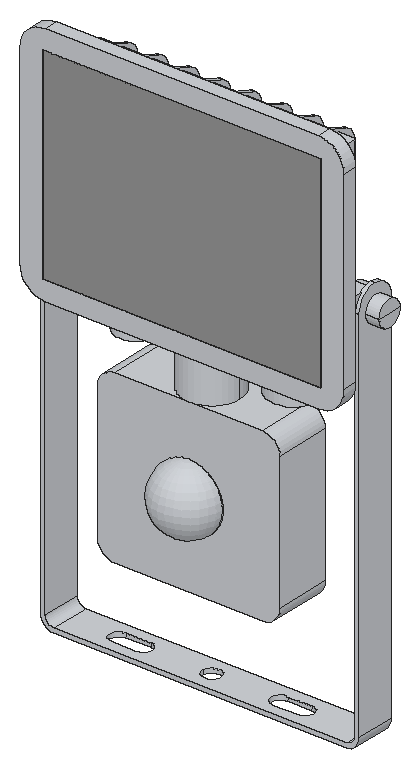
Revit family "0050134", category Lighting Fixtures, Revit 2017
Family settings
  Round Connector Dimension = Use Diameter
  Part Type = Normal
  OmniClass Number = 23.80.70.00
  OmniClass Title = Lighting
  Work Plane-Based = No
  Always vertical = Yes
  Cut with Voids When Loaded = No
  Light Source = Yes
  Shared = No
  Room Calculation Point = No
Parameters (values of type "0050134 ST FLD FLT IP54 PIR 2000LM 840 BK")
  Weight = "2.85 kg"
  Wattage = 19 W
  WarrantyStartDate [instance] = "n/a"
  WarrantyGuarantorParts = "n/a"
  WarrantyDurationUnit = "n/a"
  WarrantyDurationParts = "n/a"
  WarrantyDescription = "n/a"
  built-in parameter 1150110 = 1 (stored number, unit not read)
  Voltage = 0 V
  URL = "http://www.sylvania-lighting.com"
  TypeName = "Start Flood Flat IP54 PIR 2000LM 840 Black"
  built-in parameter 1114217 = 1 (stored number, unit not read)
  Tilt Angle = 0.00°
  built-in parameter 1150109 = 1 (stored number, unit not read)
  built-in parameter 1150134 = 12
  built-in parameter 1150113 = 1 (stored number, unit not read)
  SerialNumber [instance] = "n/a"
  PowerFactor = 0.9
  PowerConsumption = "19.0 W"
  Photometric Web File = "0050134.ies"
  NominalWidth = 0 mm
  NominalLength = 190 mm
  NominalHeight = 52 mm
  Name = "Start Flood Flat IP54 PIR 2000LM 840 Black"
  ModelReference = "Start Flood Flat IP54 PIR 2000LM 840 Black"
  ModelNumber = "0050134"
  Model = "Start Flood Flat IP54 PIR 2000LM 840 Black"
  Material_4_FEILO = none
  Material_3_FEILO = none
  Material_2_FEILO = Default New Material
  Material_1_FEILO = none
  Material = "n/a"
  ManufacturerName = "Feilo Sylvania"
  Manufacturer = "Feilo Sylvania"
  LuminousEfficacy = "105 lm/W"
  Lumens = 1995 lm
  LuminaireType = ""
  built-in parameter 1150115 = 1 (stored number, unit not read)
  built-in parameter 1150105 = -1551312 (stored number, unit not read)
  LightOutputRatio = "n/a"
  built-in parameter 1150137 = (empty or 0)
  built-in parameter 1150139 = (empty or 0)
  LampsType = "LED"
  LampNominalLuminous = "2000 lm"
  LampMacAdamStep = "5"
  LampColourTemperature = "4000 K"
  LampColourRenderingIndex = "80"
  built-in parameter 1150112 = 1 (stored number, unit not read)
  built-in parameter 1150114 = 1 (stored number, unit not read)
  Lamp = "LED"
  LUM_WIDTH_SYL = 57 mm  # constant formula
  LUM_HEIGHT_SYL = 43 mm  # constant formula
  LUM_EXTR_ST_SYL = -5 mm
  LUM_EXTR_END_SYL = 0 mm
  LUM_DEPTH_SYL = 28 mm
  Keynote = "16500"
  InstallationDate [instance] = "n/a"
  InputVoltage = "n/a"
  InputNominalFrequency = "n/a"
  built-in parameter 1150132 = 2
  built-in parameter 1150102 = (empty or 0)
  built-in parameter 1150138 = (empty or 0)
  built-in parameter 1150107 = 4000 (stored number, unit not read)
  IngressProtection = "IP65"
  ImpactProtectionIndex = "IK06"
  built-in parameter 1150106 = -15513.1 (stored number, unit not read)
  IfcExportType = "IfcLightFixtureType"
  IfcExportAs = "IfcLightFixtureType"
  ElectricShockClassification = "Class I"
  built-in parameter 1150104 = 9.7548 (stored number, unit not read)
  DocumentationLiterature = "http://www.sylvania-lighting.com/product/en-int/products/0050134"
  DimmingControlOptions = "n/a"
  Dimming Lamp Color Temperature Shift = <None>
  DIF_WIDTH_SYL = 49 mm  # constant formula
  DIF_HEIGHT_SYL = 36 mm  # constant formula
  CreatedOn = "12/2/2020"
  CreatedBy = "@sylvania-lighting.com"
  Color Filter = 16777215
  ClassificationValue = "EF_70_80"
  ClassificationName = "Uniclass2015"
  CABLE_SIDE_DIST_SYL = 28.5 mm
  CABLE_LENGTH_SYL = 5 mm
  CABLE_FRONT_DIST_SYL = 17.5 mm
  CABLES_DIST_SYL = 56 mm
  BarCode [instance] = "n/a"
  built-in parameter 1114218 = 1 (stored number, unit not read)
  B_RAIL_R_DIST_SYL = 7 mm
  B_RAIL_HEIGHT_SYL = 27 mm
  B_RAIL_DEPTH_SYL = 44 mm
  B_RAIL_CHAMFER_SYL = 7 mm
  BRACKET_HOLDER_WIDTH_SYL = 12 mm
  BRACKET_HOLDER_HEIGHT_SYL = 17 mm
  BRACKET_HOLDER_DIST_SIDE_SYL = 2.8 mm
  BRACKET_HOLDER_DIST_BOTT_SYL = 22 mm
  BRACKET_HOLDER_DEPTH_SYL = 5.7 mm
  BOX_WIDTH_SYL = 45.5 mm
  BOX_TOP_DIST_SYL = 10.5 mm
  BOX_DEPTH_SYL = 14 mm
  BOX_BOTT_DIST_SYL = 28 mm
  BACK_RAIL_WIDTH_SYL = 1.4 mm
  BACK_RAIL_SIDE_DIST_SYL = 18 mm
  BACK_PL_EXTR_ST_SYL = -6 mm
  BACK_PL_EXTR_ST(-1)_SYL = BACK_PL_EXTR_ST_SYL * (-1)  # 6 mm
  BACK_PL_EXTR_END_SYL = -3 mm
  BACK_PL_EXTR_END(-1)_SYL = BACK_PL_EXTR_END_SYL * (-1)  # 3 mm
  built-in parameter 1150133 = 10 (stored number, unit not read)
  AssetType = "Fixed"
  AssetIdentifier [instance] = "n/a"
  Assembly Code = "D5020200"
  Apparent Load = 19 VA
  0_18W_SYL = yes
Types (4, lengths in mm): name | TypeName | built-in parameter 1150134 | Photometric Web File | Name | ModelReference | ModelNumber | Model | LuminousEfficacy | Lumens | built-in parameter 1150105 | LampNominalLuminous | LampColourTemperature | built-in parameter 1150107 | built-in parameter 1150106 | built-in parameter 1150104 | DocumentationLiterature
  0050136 ST FLD FLT IP54 PIR 2000LM 840 WH | "Start Flood Flat IP54 PIR 2000LM 840 White" | 12 | "0050136.ies" | "Start Flood Flat IP54 PIR 2000LM 840 White" | "Start Flood Flat IP54 PIR 2000LM 840 White" | "0050136" | "Start Flood Flat IP54 PIR 2000LM 840 White" | "105 lm/W" | 1995 lm | -1551312 (stored number, unit not read) | "2000 lm" | "4000 K" | 4000 (stored number, unit not read) | -15513.1 (stored number, unit not read) | 9.7548 (stored number, unit not read) | "http://www.sylvania-lighting.com/product/en-int/products/0050136"
  0050135 ST FLD FLT IP54 PIR 1850LM 830 WH | "Start Flood Flat IP54 PIR 1850LM 830 White" | (empty or 0) | "0050135.ies" | "Start Flood Flat IP54 PIR 1850LM 830 White" | "Start Flood Flat IP54 PIR 1850LM 830 White" | "0050135" | "Start Flood Flat IP54 PIR 1850LM 830 White" | "97 lm/W" | 1843 lm | -1325633 (stored number, unit not read) | "1850 lm" | "3000 K" | 3000 (stored number, unit not read) | -13256.3 (stored number, unit not read) | 9.0116 (stored number, unit not read) | "http://www.sylvania-lighting.com/product/en-int/products/0050135"
  0050134 ST FLD FLT IP54 PIR 2000LM 840 BK | "Start Flood Flat IP54 PIR 2000LM 840 Black" | 12 | "0050134.ies" | "Start Flood Flat IP54 PIR 2000LM 840 Black" | "Start Flood Flat IP54 PIR 2000LM 840 Black" | "0050134" | "Start Flood Flat IP54 PIR 2000LM 840 Black" | "105 lm/W" | 1995 lm | -1551312 (stored number, unit not read) | "2000 lm" | "4000 K" | 4000 (stored number, unit not read) | -15513.1 (stored number, unit not read) | 9.7548 (stored number, unit not read) | "http://www.sylvania-lighting.com/product/en-int/products/0050134"
  0050133 ST FLD FLT IP54 PIR 1850LM 830 BK | "Start Flood Flat IP54 PIR 1850LM 830 Black" | (empty or 0) | "0050133.ies" | "Start Flood Flat IP54 PIR 1850LM 830 Black" | "Start Flood Flat IP54 PIR 1850LM 830 Black" | "0050133" | "Start Flood Flat IP54 PIR 1850LM 830 Black" | "97 lm/W" | 1843 lm | -1325633 (stored number, unit not read) | "1850 lm" | "3000 K" | 3000 (stored number, unit not read) | -13256.3 (stored number, unit not read) | 9.0116 (stored number, unit not read) | "http://www.sylvania-lighting.com/product/en-int/products/0050133"
Reference planes
  plane 1 "Light Source Axis (F/B)": y = 0
  plane 2: z = 0
  plane 3 "Light Source Axis (L/R)": x = 0
  plane 4 "Light Source Elevation": z = -0.469
  plane 5: x = 57
  plane 6: x = -57
  plane 7: z = 43
  plane 8: z = -43
  plane 9: x = 49
  plane 10: x = -49
  plane 11: z = 36
  plane 12: z = -36
  plane 13: y = 6
  plane 14: y = 3
  plane 15: x = -45.5
  plane 16: x = 45.5
  plane 17: y = 20
  plane 18: z = 32.5
  plane 19: z = -15
  plane 20: y = 28
  plane 21: z = -21
  plane 22: z = -9
  plane 23: y = 21
  plane 24: x = 54.2
  plane 25: x = 39.5
  plane 26: x = 28.5
  plane 27: x = -27.5
  plane 28: y = 14
  plane 29: z = -38
  plane 30: y = 27
  plane 31: z = 29
  plane 32: z = 22
  plane 33: x = 39
  plane 34: x = 37.6
  plane 35: x = 30.6
  plane 36: x = 20.8
  plane 37: x = 13.8
  plane 38: x = 12.4
  plane 39: x = 5.4
  plane 40: x = 4
  plane 41: z = -50.4
Forms (mm)
  Extrusion 1, solid
    sketch origin (0, 0, 0) x (1, 0, 0) y (0, 0, 1)
      loop
        arc (-48, 43) -> (-54.364, 40.364) -> (-57, 34) r 9
        line (-57, 34) -> (-57, -34)
        arc (-57, -34) -> (-54.364, -40.364) -> (-48, -43) r 9
        line (-48, -43) -> (48, -43)
        arc (48, -43) -> (54.364, -40.364) -> (57, -34) r 9
        line (57, -34) -> (57, 34)
        arc (57, 34) -> (54.364, 40.364) -> (48, 43) r 9
        line (48, 43) -> (-48, 43)
      loop
        line (-49, 36) -> (-49, -36) -> (49, -36) -> (49, 36) -> (-49, 36)
    from -5 <- "LUM_EXTR_ST_SYL" to 0 <- "LUM_EXTR_END_SYL"
  Extrusion 2, solid, material "Default New Material" <- "Material_2_FEILO"
    sketch origin (0, 0, 0) x (1, 0, 0) y (0, 0, 1)
      loop
        line (-49, 36) -> (-49, -36) -> (49, -36) -> (49, 36) -> (-49, 36)
    from -3 <- "BACK_PL_EXTR_END_SYL" to 0 <- "LUM_EXTR_END_SYL"
  Extrusion 3, solid
    sketch origin (0, 0, 0) x (1, 0, 0) y (0, 0, 1)
      loop
        line (49, 36) -> (-49, 36) -> (-49, -36) -> (49, -36) -> (49, 36)
    from -6 <- "BACK_PL_EXTR_ST_SYL" to -3 <- "BACK_PL_EXTR_END_SYL"
  Extrusion 4, solid
    sketch origin (0, 0, 0) x (1, 0, 0) y (0, 1, 0)
      loop
        arc (-44.5, 20) -> (-45.207, 19.707) -> (-45.5, 19) r 1
        line (-45.5, 19) -> (-45.5, 6) -> (45.5, 6) -> (45.5, 19)
        arc (45.5, 19) -> (45.207, 19.707) -> (44.5, 20) r 1
        line (44.5, 20) -> (-44.5, 20)
    from -15 to 32.5
  Extrusion 5, solid
    sketch origin (0, 0, 0) x (1, 0, 0) y (0, 1, 0)
      loop
        arc (-31.5, 28) -> (-41.399, 23.899) -> (-45.5, 14) r 14
        line (-45.5, 14) -> (-45.5, 6) -> (45.5, 6) -> (45.5, 14)
        arc (45.5, 14) -> (41.399, 23.899) -> (31.5, 28) r 14
        line (31.5, 28) -> (-31.5, 28)
    from -36 to -15
  Extrusion 6, solid
    sketch origin (0, 0, 0) x (0, 1, 0) y (0, 0, 1)
      loop
        line (5, -9) -> (5, -21) -> (15, -21)
        arc (15, -21) -> (19.243, -19.243) -> (21, -15) r 6
        arc (21, -15) -> (19.243, -10.757) -> (15, -9) r 6
        line (15, -9) -> (5, -9)
      loop
        circle (15, -15) r 2.5
    from 49 to 54.502
  Extrusion 7, solid
    sketch origin (0, 0, 0) x (1, 0, 0) y (0, 1, 0)
      loop
        circle (-27.5, 14) r 7
      loop
        circle (28.5, 14) r 9
    from -50.4 to -36
  Extrusion 8, solid
    sketch origin (1.583, 5.639, -10.469) x (0, 1, 0) y (0, 0, -1)
      loop
        line (-0.625, 4.531) -> (-0.625, -22) -> (-0.625, -49.48) -> (18.047, -42.313)
        arc (18.047, -42.313) -> (20.09, -40.922) -> (21.299, -38.767) r 5.397
        line (21.299, -38.767) -> (21.299, 4.531) -> (-0.625, 4.531)
    from -37.417 to -36.017
  Extrusion 9, solid
    sketch origin (0, 0, 0) x (0, 1, 0) y (0, 0, -1)
      loop
        line (5, 9) -> (15, 9)
        arc (15, 9) -> (19.243, 10.757) -> (21, 15) r 6
        arc (21, 15) -> (19.243, 19.243) -> (15, 21) r 6
        line (15, 21) -> (5, 21) -> (5, 9)
      loop
        circle (15, 15) r 2.5
    from 49 to 54.502
  Extrusion 10, solid
    sketch origin (-1.583, 5.639, -10.469) x (0, 1, 0) y (0, 0, 1)
      loop
        line (-0.625, -4.531) -> (21.299, -4.531) -> (21.299, 38.767)
        arc (21.299, 38.767) -> (20.09, 40.922) -> (18.047, 42.313) r 5.397
        line (18.047, 42.313) -> (-0.625, 49.48) -> (-0.625, 22) -> (-0.625, -4.531)
    from -37.417 to -36.017
  Extrusion 11, solid
    sketch origin (-75.017, 5.639, -10.469) x (0, 1, 0) y (0, 0, -1)
      loop
        line (-0.625, 4.531) -> (-0.625, -22) -> (-0.625, -49.48) -> (18.047, -42.313)
        arc (18.047, -42.313) -> (20.09, -40.922) -> (21.299, -38.767) r 5.397
        line (21.299, -38.767) -> (21.299, 4.531) -> (-0.625, 4.531)
    from -37.417 to -36.017
  Extrusion 12, solid
    sketch origin (-9.36, 5.639, -10.469) x (0, 1, 0) y (0, 0, -1)
      loop
        line (-0.625, 4.531) -> (-0.625, -22) -> (-0.625, -49.48) -> (18.047, -42.313)
        arc (18.047, -42.313) -> (20.09, -40.922) -> (21.299, -38.767) r 5.397
        line (21.299, -38.767) -> (21.299, 4.531) -> (-0.625, 4.531)
    from -37.417 to -36.017
  Extrusion 13, solid
    sketch origin (-20.302, 5.639, -10.469) x (0, 1, 0) y (0, 0, -1)
      loop
        line (-0.625, 4.531) -> (-0.625, -22) -> (-0.625, -49.48) -> (18.047, -42.313)
        arc (18.047, -42.313) -> (20.09, -40.922) -> (21.299, -38.767) r 5.397
        line (21.299, -38.767) -> (21.299, 4.531) -> (-0.625, 4.531)
    from -37.417 to -36.017
  Extrusion 14, solid
    sketch origin (-31.245, 5.639, -10.469) x (0, 1, 0) y (0, 0, -1)
      loop
        line (-0.625, 4.531) -> (-0.625, -22) -> (-0.625, -49.48) -> (18.047, -42.313)
        arc (18.047, -42.313) -> (20.09, -40.922) -> (21.299, -38.767) r 5.397
        line (21.299, -38.767) -> (21.299, 4.531) -> (-0.625, 4.531)
    from -37.417 to -36.017
  Extrusion 15, solid
    sketch origin (-42.188, 5.639, -10.469) x (0, 1, 0) y (0, 0, -1)
      loop
        line (-0.625, 4.531) -> (-0.625, -22) -> (-0.625, -49.48) -> (18.047, -42.313)
        arc (18.047, -42.313) -> (20.09, -40.922) -> (21.299, -38.767) r 5.397
        line (21.299, -38.767) -> (21.299, 4.531) -> (-0.625, 4.531)
    from -37.417 to -36.017
  Extrusion 16, solid
    sketch origin (-53.131, 5.639, -10.469) x (0, 1, 0) y (0, 0, -1)
      loop
        line (-0.625, 4.531) -> (-0.625, -22) -> (-0.625, -49.48) -> (18.047, -42.313)
        arc (18.047, -42.313) -> (20.09, -40.922) -> (21.299, -38.767) r 5.397
        line (21.299, -38.767) -> (21.299, 4.531) -> (-0.625, 4.531)
    from -37.417 to -36.017
  Extrusion 17, solid
    sketch origin (-64.074, 5.639, -10.469) x (0, 1, 0) y (0, 0, -1)
      loop
        line (-0.625, 4.531) -> (-0.625, -22) -> (-0.625, -49.48) -> (18.047, -42.313)
        arc (18.047, -42.313) -> (20.09, -40.922) -> (21.299, -38.767) r 5.397
        line (21.299, -38.767) -> (21.299, 4.531) -> (-0.625, 4.531)
    from -37.417 to -36.017
Cuts and joins
  joined: Extrusion 1, Extrusion 3, Extrusion 4, Extrusion 5
Dimensions and locks
  "LUM_WIDTH_SYL": plane 5 to plane 3 "Light Source Axis (L/R)" to plane 6
  "LUM_HEIGHT_SYL": plane 7 to plane 2 to plane 8
  "DIF_WIDTH_SYL": plane 9 to plane 3 "Light Source Axis (L/R)" to plane 10
  "DIF_HEIGHT_SYL": plane 11 to plane 2 to plane 12
  "BACK_PL_EXTR_ST(-1)_SYL": plane 1 "Light Source Axis (F/B)" to plane 13
  "BACK_PL_EXTR_END(-1)_SYL": plane 1 "Light Source Axis (F/B)" to plane 14
  "BOX_WIDTH_SYL": plane 15 to plane 3 "Light Source Axis (L/R)" to plane 16
  "BOX_DEPTH_SYL": plane 13 to plane 17
  "BOX_TOP_DIST_SYL": plane 18 to plane 7
  "BOX_BOTT_DIST_SYL": plane 8 to plane 19
  "LUM_DEPTH_SYL": plane 1 "Light Source Axis (F/B)" to plane 20
  "BRACKET_HOLDER_DIST_BOTT_SYL": plane 21 to plane 8
  "BRACKET_HOLDER_WIDTH_SYL": plane 22 to plane 21
  cut or joined group of Extrusion 1, Extrusion 3, Extrusion 4, Extrusion 5 to plane 23 = 15 mm
  locked: cut or joined group of Extrusion 1, Extrusion 3, Extrusion 4, Extrusion 5 to plane 24 at 2.8
  plane 25 to plane 24 = 14.7 mm
  "CABLES_DIST_SYL": plane 27 to plane 26
  "CABLE_SIDE_DIST_SYL": plane 26 to plane 5
  cut or joined group of Extrusion 1, Extrusion 3, Extrusion 4, Extrusion 5 to plane 28 = 14 mm
  locked: cut or joined group of Extrusion 1, Extrusion 3, Extrusion 4, Extrusion 5 to plane 29 at 5
  "B_RAIL_HEIGHT_SYL": plane 30 to plane 1 "Light Source Axis (F/B)"
  "B_RAIL_DEPTH_SYL": plane 31 to plane 19
  "B_RAIL_CHAMFER_SYL": plane 31 to plane 32
  "BACK_RAIL_SIDE_DIST_SYL": plane 5 to plane 33
  "BACK_RAIL_WIDTH_SYL": plane 33 to plane 34
  "B_RAIL_R_DIST_SYL": plane 34 to plane 35
  "B_RAIL_R_DIST_SYL": plane 36 to plane 37
  "BACK_RAIL_WIDTH_SYL": plane 37 to plane 38
  "BACK_RAIL_WIDTH_SYL": plane 39 to plane 40
  "B_RAIL_R_DIST_SYL": plane 38 to plane 39
  plane 35 to plane 26 = 2.1 mm
  equal spacing: group 2, group 8, group 7, group 6, group 5, group 4, group 3, group 1
  equal spacing: group 1, group 3, group 4, group 5, group 6, group 7, group 8, group 2  (x2)
  aligned and locked: plane 4 "Light Source Elevation" to imposter light
  aligned and locked: level to plane 2
  aligned and locked: Extrusion 1 sketch curve to plane 7
  aligned and locked: plane 6 to Extrusion 1 sketch curve
  aligned and locked: plane 8 to Extrusion 1 sketch curve
  aligned and locked: Extrusion 1 sketch curve to plane 5
  aligned and locked: Extrusion 1 sketch curve to plane 11
  aligned and locked: plane 10 to Extrusion 1 sketch curve
  aligned and locked: plane 12 to Extrusion 1 sketch curve
  aligned and locked: Extrusion 1 sketch curve to plane 9
  aligned and locked: Extrusion 2 sketch curve to Extrusion 1  (x4)
  aligned and locked: Extrusion 3 sketch curve to Extrusion 1  (x4)
  aligned and locked: Extrusion 3 to Extrusion 2
  aligned and locked: plane 17 to Extrusion 4 sketch curve
  aligned and locked: plane 15 to Extrusion 4 sketch curve
  aligned and locked: Extrusion 4 sketch curve to plane 13
  aligned and locked: Extrusion 4 sketch curve to plane 16
  aligned and locked: plane 18 to Extrusion 4
  aligned and locked: Extrusion 4 to plane 19
  aligned and locked: plane 20 to Extrusion 5 sketch curve
  aligned and locked: plane 15 to Extrusion 5 sketch curve
  aligned and locked: cut or joined group of Extrusion 1, Extrusion 3, Extrusion 4, Extrusion 5 to Extrusion 5 sketch curve
  aligned and locked: Extrusion 5 sketch curve to cut or joined group of Extrusion 1, Extrusion 3, Extrusion 4, Extrusion 5
  aligned and locked: plane 19 to Extrusion 5
  aligned and locked: Extrusion 5 to plane 12
  aligned and locked: Extrusion 6 sketch curve to plane 22
  aligned and locked: plane 21 to Extrusion 6 sketch curve
  aligned and locked: Extrusion 7 to Extrusion 2
  aligned and locked: Extrusion 6 to cut or joined group of Extrusion 1, Extrusion 3, Extrusion 4, Extrusion 5
  aligned and locked: plane 33 to Extrusion 8
  aligned and locked: Extrusion 8 to plane 34
  aligned and locked: Extrusion 7 to plane 41
Automatic sketch dimensions
  plane 10 to Extrusion 1 sketch curve = 1 mm  (x2)
  Extrusion 1 sketch curve to plane 25 = 8.5 mm  (x2)
  plane 15 to Extrusion 4 sketch curve = 1 mm
  Extrusion 4 sketch curve to plane 16 = 1 mm
  Extrusion 5 sketch curve to plane 15 = 0 mm
  Extrusion 5 sketch curve to plane 28 = 0 mm  (x2)
  Extrusion 6 sketch curve to Extrusion 6 sketch curve = 0 mm  (x5)
  Extrusion 6 sketch curve to plane 23 = 0 mm
  plane 13 to Extrusion 6 sketch curve = 1 mm
  Extrusion 7 sketch curve to plane 27 = 0 mm
  Extrusion 7 sketch curve to plane 26 = 0 mm
  Extrusion 7 sketch curve to plane 28 = 0 mm  (x2)
  Extrusion 9 sketch curve to Extrusion 9 sketch curve = 0 mm  (x6)
  Extrusion 9 sketch curve to plane 21 = 0 mm
  Extrusion 9 sketch curve to plane 22 = 0 mm
  Extrusion 9 sketch curve to plane 23 = 0 mm
  plane 13 to Extrusion 9 sketch curve = 1 mm
  Extrusion 10 sketch curve to plane 19 = 0 mm
  plane 13 to Extrusion 10 sketch curve = 0.986 mm
  Extrusion 10 sketch curve to plane 23 = 0.751 mm
  Extrusion 10 sketch curve to plane 18 = 0.656 mm
  Extrusion 10 sketch curve to plane 23 = 2.685 mm
  plane 30 to Extrusion 10 sketch curve = 0.062 mm
  Extrusion 10 sketch curve to plane 32 = 10.469 mm
  Extrusion 10 sketch curve to plane 31 = 2.195 mm
  Extrusion 8 sketch curve to Extrusion 8 sketch curve = 16.737 mm
  Extrusion 8 sketch curve to Extrusion 8 sketch curve = 1.934 mm
  Extrusion 8 sketch curve to Extrusion 8 sketch curve = 21.924 mm
  Extrusion 8 sketch curve to Extrusion 8 sketch curve = 7.167 mm
  Extrusion 8 sketch curve to Extrusion 8 sketch curve = 15.274 mm
  Extrusion 8 sketch curve to Extrusion 8 sketch curve = 26.531 mm
  Extrusion 11 sketch curve to Extrusion 11 sketch curve = 16.737 mm
  Extrusion 11 sketch curve to Extrusion 11 sketch curve = 1.934 mm
  Extrusion 11 sketch curve to Extrusion 11 sketch curve = 21.924 mm
  Extrusion 11 sketch curve to Extrusion 11 sketch curve = 7.167 mm
  Extrusion 11 sketch curve to Extrusion 11 sketch curve = 15.274 mm
  Extrusion 11 sketch curve to Extrusion 11 sketch curve = 26.531 mm
  Extrusion 12 sketch curve to Extrusion 12 sketch curve = 16.737 mm
  Extrusion 12 sketch curve to Extrusion 12 sketch curve = 1.934 mm
  Extrusion 12 sketch curve to Extrusion 12 sketch curve = 21.924 mm
  Extrusion 12 sketch curve to Extrusion 12 sketch curve = 7.167 mm
  Extrusion 12 sketch curve to Extrusion 12 sketch curve = 15.274 mm
  Extrusion 12 sketch curve to Extrusion 12 sketch curve = 26.531 mm
  Extrusion 13 sketch curve to Extrusion 13 sketch curve = 16.737 mm
  Extrusion 13 sketch curve to Extrusion 13 sketch curve = 1.934 mm
  Extrusion 13 sketch curve to Extrusion 13 sketch curve = 21.924 mm
  Extrusion 13 sketch curve to Extrusion 13 sketch curve = 7.167 mm
  Extrusion 13 sketch curve to Extrusion 13 sketch curve = 15.274 mm
  Extrusion 13 sketch curve to Extrusion 13 sketch curve = 26.531 mm
  Extrusion 14 sketch curve to Extrusion 14 sketch curve = 16.737 mm
  Extrusion 14 sketch curve to Extrusion 14 sketch curve = 1.934 mm
  Extrusion 14 sketch curve to Extrusion 14 sketch curve = 21.924 mm
  Extrusion 14 sketch curve to Extrusion 14 sketch curve = 7.167 mm
  Extrusion 14 sketch curve to Extrusion 14 sketch curve = 15.274 mm
  Extrusion 14 sketch curve to Extrusion 14 sketch curve = 26.531 mm
  Extrusion 15 sketch curve to Extrusion 15 sketch curve = 16.737 mm
  Extrusion 15 sketch curve to Extrusion 15 sketch curve = 1.934 mm
  Extrusion 15 sketch curve to Extrusion 15 sketch curve = 21.924 mm
  Extrusion 15 sketch curve to Extrusion 15 sketch curve = 7.167 mm
  Extrusion 15 sketch curve to Extrusion 15 sketch curve = 15.274 mm
  Extrusion 15 sketch curve to Extrusion 15 sketch curve = 26.531 mm
  Extrusion 16 sketch curve to Extrusion 16 sketch curve = 16.737 mm
  Extrusion 16 sketch curve to Extrusion 16 sketch curve = 1.934 mm
  Extrusion 16 sketch curve to Extrusion 16 sketch curve = 21.924 mm
  Extrusion 16 sketch curve to Extrusion 16 sketch curve = 7.167 mm
  Extrusion 16 sketch curve to Extrusion 16 sketch curve = 15.274 mm
  Extrusion 16 sketch curve to Extrusion 16 sketch curve = 26.531 mm
  Extrusion 17 sketch curve to Extrusion 17 sketch curve = 16.737 mm
  Extrusion 17 sketch curve to Extrusion 17 sketch curve = 1.934 mm
  Extrusion 17 sketch curve to Extrusion 17 sketch curve = 21.924 mm
  Extrusion 17 sketch curve to Extrusion 17 sketch curve = 7.167 mm
  Extrusion 17 sketch curve to Extrusion 17 sketch curve = 15.274 mm
  Extrusion 17 sketch curve to Extrusion 17 sketch curve = 26.531 mm
  radius of Extrusion 6 sketch curve = 2.5 mm
  radius of Extrusion 7 sketch curve = 7 mm
  radius of Extrusion 7 sketch curve = 9 mm
  radius of Extrusion 9 sketch curve = 2.5 mm
Nested families
  nested 1: "START Flood Flat - 18W_bracket - PIR" at (-1.504, 15, -114.589), type "START Flood Flat - 18W_bracket - PIR"
  nested 2: "PIR" at (0, 2.977, -89.01) x (-1, 0, 0) z (0, 0, 1), type "PIR"
  nested 3: "bolt" at (55.996, 15, -15), type "bolt"
  nested 4: "bolt" at (-56.004, 15, -15) x (-1, 0, 0) z (0, 0, 1), type "bolt"
Definition of nested family "START Flood Flat - 18W_bracket - PIR"
  Parameters (values of type "START Flood Flat - 18W_bracket - PIR")
    WIDTH_SYL = 112 mm
    WIDTH/2_SYL = WIDTH_SYL / 2  # 56 mm
    THICKNESS_SYL = 1.5 mm
    Material_4_SYL = none
    Material_3_SYL = none
    Material_2_SYL = none
    Material_1_SYL = none
    HOLE_DIST_SYL = 8.5 mm
    HOLE2_DIST_SYL = 8 mm
    HEIGHT_SYL = 145 mm
    FILLET_SYL = 7 mm
    DEPTH_2_SYL = -7 mm
    DEPTH_1_SYL = 7 mm
    CUTOUT_DIST_SYL = 24.2 mm
  Reference planes
    plane 1 "Center (Front/Back)": y = 0
    plane 2: z = 0
    plane 3 "Center (Left/Right)": x = 0
    plane 4: x = -54.5
    plane 5: x = 57.5
    plane 6: z = -37.5
    plane 7: z = 107.5
    plane 8: x = -53
    plane 9: z = -36
    plane 10: x = 56
    plane 11: z = 99.5
    plane 12: z = 100.5
    plane 13: x = 24.2
    plane 14: x = -24.2
    plane 15: x = 32.7
    plane 16: x = -32.7
  Forms (mm)
    Extrusion 1, solid
      sketch origin (0, 0, 0) x (1, 0, 0) y (0, 0, 1)
        loop
          arc (-54.5, -33) -> (-53.182, -36.182) -> (-50, -37.5) r 4.5
          line (-50, -37.5) -> (53, -37.5)
          arc (53, -37.5) -> (56.182, -36.182) -> (57.5, -33) r 4.5
          line (57.5, -33) -> (57.5, 107.5) -> (56, 107.5) -> (56, -33)
          arc (56, -33) -> (55.121, -35.121) -> (53, -36) r 3
          line (53, -36) -> (-50, -36)
          arc (-50, -36) -> (-52.121, -35.121) -> (-53, -33) r 3
          line (-53, -33) -> (-53, 107.5) -> (-54.5, 107.5) -> (-54.5, -33)
      from -7 <- "DEPTH_2_SYL" to 7 <- "DEPTH_1_SYL"
    Extrusion 2, void
      sketch origin (0, 0, 0) x (0, 1, 0) y (0, 0, 1)
        loop
          circle (0, 99.5) r 3.15
      from -54.5 to 57.5
    Extrusion 3, void
      sketch origin (0, 0, 0) x (0, 1, 0) y (0, 0, 1)
        loop
          line (7, 100.5) -> (14.83, 113.08) -> (-15.17, 113.08) -> (-7, 100.5)
          arc (-7, 100.5) -> (-4.95, 105.45) -> (0, 107.5) r 7
          arc (0, 107.5) -> (4.95, 105.45) -> (7, 100.5) r 7
      from -54.5 to 57.5
    Extrusion 4, void
      sketch origin (0, 0, 0) x (1, 0, 0) y (0, 1, 0)
        loop
          circle (0, 0) r 3.25
        loop
          arc (-32.7, 3.25) -> (-35.95, 0) -> (-32.7, -3.25) r 3.25
          line (-32.7, -3.25) -> (-24.2, -3.25)
          arc (-24.2, -3.25) -> (-20.95, 0) -> (-24.2, 3.25) r 3.25
          line (-24.2, 3.25) -> (-32.7, 3.25)
        loop
          line (24.2, -3.25) -> (32.7, -3.25)
          arc (32.7, -3.25) -> (35.95, 0) -> (32.7, 3.25) r 3.25
          line (32.7, 3.25) -> (24.2, 3.25)
          arc (24.2, 3.25) -> (20.95, 0) -> (24.2, -3.25) r 3.25
      from -54.767 to -28.006
  Cuts and joins
    Extrusion 2, Extrusion 3, Extrusion 4 cuts Extrusion 1
  Dimensions and locks
    "THICKNESS_SYL": plane 8 to plane 4
    "THICKNESS_SYL": plane 5 to plane 10
    "WIDTH_SYL": plane 5 to plane 4
    "HEIGHT_SYL": plane 7 to plane 6
    "FILLET_SYL": plane 7 to plane 12
    "CUTOUT_DIST_SYL": plane 14 to plane 3 "Center (Left/Right)" to plane 13
    "HOLE_DIST_SYL": plane 16 to plane 14
    "HOLE_DIST_SYL": plane 13 to plane 15
    "HOLE2_DIST_SYL": plane 7 to plane 11
    "WIDTH/2_SYL": plane 3 "Center (Left/Right)" to plane 10
    aligned and locked: level to plane 2
    aligned and locked: plane 4 to Extrusion 1 sketch curve
    aligned and locked: plane 6 to Extrusion 1 sketch curve
    aligned and locked: Extrusion 1 sketch curve to plane 5
    aligned and locked: plane 8 to Extrusion 1 sketch curve
    aligned and locked: plane 9 to Extrusion 1 sketch curve
    aligned and locked: Extrusion 1 sketch curve to plane 10
    aligned and locked: plane 7 to Extrusion 1 sketch curve  (x2)
    aligned and locked: Extrusion 1 to Extrusion 2  (x2)
    aligned and locked: Extrusion 1 to Extrusion 3
    aligned and locked: Extrusion 3 to Extrusion 1
  Automatic sketch dimensions
    Extrusion 1 sketch curve to Extrusion 1 sketch curve = 0 mm
    plane 8 to Extrusion 1 sketch curve = 3 mm
    Extrusion 1 sketch curve to plane 10 = 3 mm
    Extrusion 1 sketch curve to Extrusion 1 sketch curve = 3 mm
    Extrusion 2 sketch curve to plane 1 "Center (Front/Back)" = 0 mm
    Extrusion 2 sketch curve to plane 11 = 0 mm
    Extrusion 3 sketch curve to Extrusion 3 sketch curve = 0 mm
    Extrusion 3 sketch curve to plane 12 = 0 mm
    Extrusion 3 sketch curve to plane 1 "Center (Front/Back)" = 0 mm
    Extrusion 3 sketch curve to plane 7 = 0 mm
    Extrusion 3 sketch curve to Extrusion 3 sketch curve = 8.17 mm
    plane 7 to Extrusion 3 sketch curve = 5.58 mm
    Extrusion 3 sketch curve to Extrusion 3 sketch curve = 7.83 mm
    plane 1 "Center (Front/Back)" to Extrusion 4 sketch curve = 0 mm  (x3)
    Extrusion 4 sketch curve to plane 16 = 0 mm
    Extrusion 4 sketch curve to plane 14 = 0 mm
    Extrusion 4 sketch curve to plane 3 "Center (Left/Right)" = 0 mm
    Extrusion 4 sketch curve to plane 13 = 0 mm
    Extrusion 4 sketch curve to plane 15 = 0 mm
    plane 1 "Center (Front/Back)" to Extrusion 4 sketch curve = 3.25 mm  (x2)
    radius of Extrusion 2 sketch curve = 3.15 mm
    radius of Extrusion 4 sketch curve = 3.25 mm
Definition of nested family "PIR"
  Parameters (values of type "PIR")
    Material_4_SYL = none
    Material_3_SYL = none
    Material_2_SYL = none
    Material_1_SYL = none
  Reference planes
    plane 1 "Center (Front/Back)": y = 0
    plane 2: z = 0
    plane 3 "Center (Left/Right)": x = 0
    plane 4: z = -30
    plane 5: z = 30
    plane 6: x = 32
    plane 7: x = -32
    plane 8: x = 12
    plane 9: z = 12
    plane 10: z = -12
    plane 11: z = 46
    plane 12: x = 10
    plane 13: y = -10
  Forms (mm)
    Extrusion 1, solid
      sketch origin (0, 0, 0) x (1, 0, 0) y (0, 0, 1)
        loop
          arc (-26, 30) -> (-30.243, 28.243) -> (-32, 24) r 6
          line (-32, 24) -> (-32, -24)
          arc (-32, -24) -> (-30.243, -28.243) -> (-26, -30) r 6
          line (-26, -30) -> (26, -30)
          arc (26, -30) -> (30.243, -28.243) -> (32, -24) r 6
          line (32, -24) -> (32, 24)
          arc (32, 24) -> (30.243, 28.243) -> (26, 30) r 6
          line (26, 30) -> (-26, 30)
      from 0 to 20
    Revolve 2, solid
      sketch origin (0, 0, 0) x (1, 0, 0) y (0, 0, 1)
        loop
          line (0, 12) -> (0, -12)
          arc (0, -12) -> (12, 0) -> (0, 12) r 12
        axis (0, 12) -> (0, -12)
      angle from 0 to 360
    Extrusion 3, solid
      sketch origin (0, 0, 0) x (1, 0, 0) y (0, 1, 0)
        loop
          circle (0, -10) r 10
      from 30 to 46
  Dimensions and locks
    aligned and locked: level to plane 2
    aligned and locked: Extrusion 1 sketch curve to plane 5
    aligned and locked: plane 7 to Extrusion 1 sketch curve
    aligned and locked: plane 4 to Extrusion 1 sketch curve
    aligned and locked: Extrusion 1 sketch curve to plane 6
    aligned and locked: plane 3 "Center (Left/Right)" to Revolve 2 sketch curve
    aligned and locked: plane 10 to Revolve 2 sketch curve
    aligned and locked: Revolve 2 sketch curve to plane 3 "Center (Left/Right)"
    aligned and locked: plane 11 to Extrusion 3
    aligned and locked: Extrusion 3 to plane 5
Definition of nested family "bolt"
  Parameters (values of type "bolt")
    Material_4_SYL = none
    Material_3_SYL = none
    Material_2_SYL = none
    Material_1_SYL = none
  Reference planes
    plane 1 "Center (Front/Back)": y = 0
    plane 2: z = 0
    plane 3 "Center (Left/Right)": x = 0
    plane 4: x = 5
    plane 5: x = -10
    plane 6: y = 2.5
    plane 7: y = -2.5
    plane 8: y = 4.5
    plane 9: y = -4.5
  Forms (mm)
    Revolve 1, solid
      sketch origin (0, 0, 0) x (1, 0, 0) y (0, 1, 0)
        loop
          line (5, 0) -> (-10, 0) -> (-10, -2.5) -> (0, -2.5) -> (0, -4.5) -> (5, -4.5) -> (5, 0)
        axis (5, 0) -> (-10, 0)
      angle from 0 to 360
  Dimensions and locks
    aligned and locked: level to plane 2
